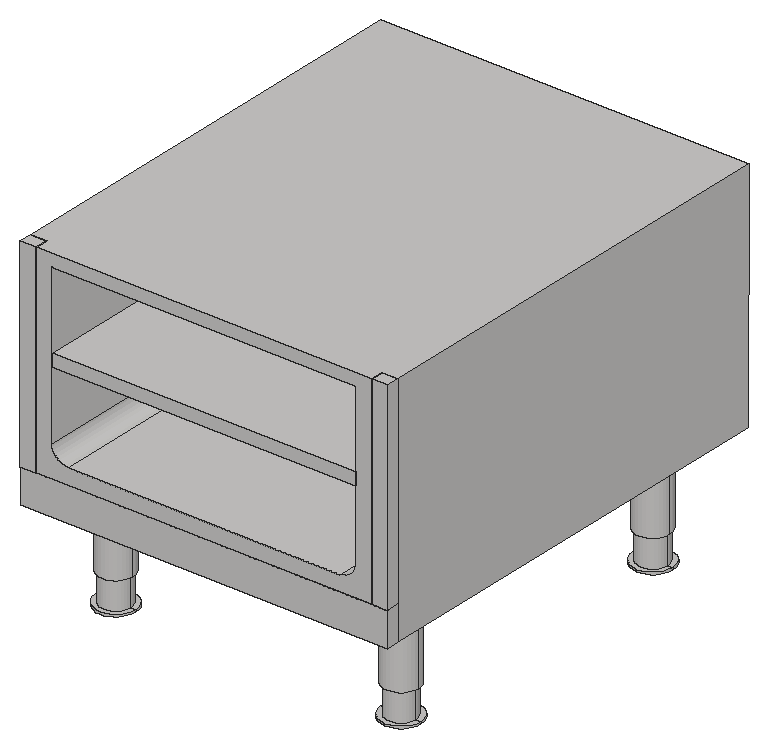
Revit family "QF_ELECTROLUXPROFESSIONAL_589807_MC1HCAGOOM", category Attrezzature speciali, Revit 2021
Family settings
  Quota connettore circolare = Usa diametro
  Tipo di parte = Normale
  Basato su piano di lavoro = No
  Sempre verticale = Sì
  Taglio con vuoti quando caricato = No
  Condiviso = No
  Punto di calcolo locali = No
Parameters (values of type "Standard")
  Weight = 21.00 kg
  Watts = 0 W
  Volts = 0 V
  URL Manufacturer = "https://www.electroluxprofessional.com/"
  URL = "https://www.electroluxprofessional.com/"
  Steam Supply Size = 0"
  Steam Supply Minimum Pressure = 0.00 psi
  Steam Supply Maximum Pressure = 0.00 psi
  Steam Consumption per Hour = 0
  Refrigeration Suction Line Size = 0 mm
  Refrigeration Liquid Line Size = 0 mm
  Refrigerant Compressor Remote = yes
  Prospetto di default = 0 mm
  Phase = 0
  Modello = "MC1HCAGOOM"
  Produttore = "Electrolux Professional"
  Length Actual = 700 mm  # constant formula
  Item Number = "589807"
  Hot Water Size = 0"
  Height Actual = 450 mm  # constant formula
  HP = "0 HP"
  Gas Size = 0"
  Gas KW = 0
  Gas Input Pressure = 0.0 Btu/h
  Direct Waste Size = 0"
  Descrizione = "OPEN BASE,H3,GN,1S,700X900X450 MARINE"
  Depth Actual = 900 mm  # constant formula
  Cycle = 0 Hz
  Condensate Return Size = 0"
  Compressed Air Volume = 0 GPM
  Compressed Air Size = 0"
  Compressed Air Pressure = 0.00 psi
  Cold Water Size = 0"
  Accessory = yes
Reference planes
  plane 1 "BACK": y = 0
  plane 2: z = 0
  plane 3 "LEFT": x = 0
  plane 4 "RIGHT": x = 700
  plane 5 "FRONT": y = -900
  plane 6 "PLAIN": z = 900
  plane 7 "Center (Left/Right)": x = 350
  plane 8 "Center (Front/Back)": y = -450
  plane 9 "TOP": z = 650
  plane 10 "BASE": z = 200
  plane 11: x = 622
  plane 12: x = 78
  plane 13 "Feet_back": y = -150
  plane 14 "Feet_Front": y = -750
  plane 15: x = 30
  plane 16: x = 670
  plane 17: z = 265
  plane 18: y = -20
  plane 19: y = -855
  plane 20: y = -45
  plane 21: y = -880
Forms (mm)
  Extrusion 1, solid, material "QF_Finishes_Stainless Steel"
    sketch origin (0, 0, 650) x (0, 1, 0) y (0, 0, 1)
      loop
        line (-20, -450) -> (-20, 0) -> (-855, 0) -> (-855, -450) -> (-20, -450)
    from 0 to 700
  Extrusion 2, solid, material "QF_Finishes_Stainless Steel"
    sketch origin (0, 0, 650) x (0, 1, 0) y (0, 0, 1)
      loop
        line (-880, -450) -> (-855, -450) -> (-855, -385) -> (-880, -385) -> (-880, -450)
    from 0 to 700
  Extrusion 3, void
    sketch origin (0, -900, 0) x (1, 0, 0) y (0, 0, 1)
      loop
        line (30, 650) -> (30, 265) -> (670, 265) -> (670, 650) -> (30, 650)
    from 0 to -855
  Extrusion 4, solid, material "QF_Finishes_Stainless Steel"
    sketch origin (0, -900, 0) x (1, 0, 0) y (0, 0, 1)
      loop
        line (60, 650) -> (60, 627) -> (640, 627) -> (640, 650) -> (60, 650)
    from -20 to -880
  Extrusion 5, solid, material "QF_Finishes_Stainless Steel"
    sketch origin (0, -900, 0) x (1, 0, 0) y (0, 0, 1)
      loop
        line (30, 650) -> (30, 265) -> (670, 265) -> (670, 650) -> (640, 650) -> (640, 325)
        arc (640, 325) -> (631.213, 303.787) -> (610, 295) r 30
        line (610, 295) -> (90, 295)
        arc (90, 295) -> (68.787, 303.787) -> (60, 325) r 30
        line (60, 325) -> (60, 650) -> (30, 650)
    from -20 to -855
  Extrusion 6, solid, material "QF_Finishes_Stainless Steel"
    sketch origin (0, -900, 0) x (1, 0, 0) y (0, 0, 1)
      loop
        line (0, 650) -> (0, 265) -> (30, 265) -> (30, 650) -> (0, 650)
    from -20 to -45
  Extrusion 7, solid, material "QF_Finishes_Stainless Steel"
    sketch origin (0, -900, 0) x (1, 0, 0) y (0, 0, 1)
      loop
        line (670, 650) -> (670, 265) -> (700, 265) -> (700, 650) -> (670, 650)
    from -20 to -45
  Extrusion 8, solid, material "QF_Finishes_Stainless Steel"
    sketch origin (0, -900, -170) x (1, 0, 0) y (0, 0, 1)
      loop
        line (60, 650) -> (60, 627) -> (640, 627) -> (640, 650) -> (60, 650)
    from -20 to -855
Cuts and joins
  Extrusion 3 cuts Extrusion 1
  joined: Extrusion 1, Extrusion 4, Extrusion 5
Lines and regions (mm)
  symbolic lines, style "SpecialityEquipmentHiddenLines"
    curve 1: line (0, 0, 0) -> (700, 0, 0)
    curve 2: line (0, -900, 0) -> (0, 0, 0)
    curve 3: line (700, -900, 0) -> (0, -900, 0)
    curve 4: line (700, 0, 0) -> (700, -900, 0)
Dimensions and locks
  plane 3 "LEFT" to plane 4 "RIGHT" = 700 mm
  plane 5 "FRONT" to plane 1 "BACK" = 900 mm
  equal spacing: plane 3 "LEFT", plane 7 "Center (Left/Right)", plane 4 "RIGHT"
  equal spacing: plane 5 "FRONT", plane 8 "Center (Front/Back)", plane 1 "BACK"
  plane 6 "PLAIN" to plane 9 "TOP" = 250 mm
  plane 10 "BASE" to level = 200 mm
  plane 9 "TOP" to plane 10 "BASE" = 450 mm
  locked: plane 1 "BACK" to plane 13 "Feet_back" at 150
  locked: plane 12 to plane 3 "LEFT" at 78
  locked: plane 11 to plane 4 "RIGHT" at 78
  plane 16 to plane 15 = 640 mm
  equal spacing: plane 16, plane 7 "Center (Left/Right)", plane 15
  locked: plane 17 to plane 10 "BASE" at 65
  locked: plane 1 "BACK" to plane 18 at 20
  plane 9 "TOP" to Extrusion 4 sketch curve = 23 mm
  locked: Extrusion 4 sketch curve to plane 15 at 30
  locked: plane 16 to Extrusion 4 sketch curve at 30
  locked: Extrusion 5 sketch curve to plane 17 at 30
  plane 6 "PLAIN" to level = 900 mm
  Extrusion 5 to Extrusion 5 = 580 mm
  locked: plane 18 to plane 20 at 25
  locked: plane 21 to plane 5 "FRONT" at 20
  locked: plane 19 to plane 21 at 25
  plane 18 to plane 21 = 860 mm
  plane 13 "Feet_back" to plane 14 "Feet_Front" = 600 mm
  aligned and locked: level to plane 2
  aligned and locked: Extrusion 1 to plane 4 "RIGHT"
  aligned and locked: Extrusion 1 to plane 3 "LEFT"
  aligned and locked: Extrusion 2 to plane 4 "RIGHT"
  aligned and locked: plane 9 "TOP" to Extrusion 3 sketch curve
  aligned and locked: Extrusion 3 sketch curve to plane 15
  aligned and locked: plane 16 to Extrusion 3 sketch curve
  aligned and locked: Extrusion 2 to plane 10 "BASE"
  aligned and locked: Extrusion 2 to plane 17
  aligned and locked: plane 17 to Extrusion 3 sketch curve
  aligned and locked: Extrusion 4 to plane 18
  aligned and locked: Extrusion 5 sketch curve to plane 15
  aligned and locked: plane 16 to Extrusion 5 sketch curve
  aligned and locked: plane 9 "TOP" to Extrusion 5 sketch curve  (x2)
  aligned and locked: plane 17 to Extrusion 5 sketch curve
  aligned and locked: Extrusion 5 sketch curve to Extrusion 4  (x2)
  aligned and locked: Extrusion 6 sketch curve to plane 9 "TOP"
  aligned and locked: plane 3 "LEFT" to Extrusion 6 sketch curve
  aligned and locked: Extrusion 6 sketch curve to plane 17
  aligned and locked: Extrusion 6 sketch curve to plane 15
  aligned and locked: Extrusion 7 sketch curve to plane 9 "TOP"
  aligned and locked: plane 16 to Extrusion 7 sketch curve
  aligned and locked: Extrusion 7 sketch curve to plane 17
  aligned and locked: plane 4 "RIGHT" to Extrusion 7 sketch curve
  aligned and locked: Extrusion 5 to plane 20
  aligned and locked: cut or joined group of Extrusion 1, Extrusion 3, Extrusion 4, Extrusion 5 to plane 20
  aligned and locked: cut or joined group of Extrusion 1, Extrusion 3, Extrusion 4, Extrusion 5 to plane 18
  aligned and locked: Extrusion 6 to plane 19
  aligned and locked: plane 21 to Extrusion 6
  aligned and locked: plane 21 to Extrusion 5
  aligned and locked: plane 21 to Extrusion 7
  aligned and locked: Extrusion 7 to plane 19
  aligned and locked: Extrusion 2 to plane 19
  aligned and locked: plane 21 to Extrusion 2
  aligned and locked: plane 21 to cut or joined group of Extrusion 1, Extrusion 3, Extrusion 4, Extrusion 5
  aligned and locked: Extrusion 8 to plane 20
  aligned and locked: plane 12 to nested 1
  aligned and locked: plane 11 to nested 2
  aligned and locked: plane 13 "Feet_back" to nested 1
  aligned and locked: plane 13 "Feet_back" to nested 2
Automatic sketch dimensions
  curve 3 to plane 3 "LEFT" = 0 mm
  curve 3 to plane 4 "RIGHT" = 0 mm
  plane 5 "FRONT" to curve 3 = 0 mm
  plane 1 "BACK" to curve 2 = 0 mm
  Extrusion 1 sketch curve to plane 10 "BASE" = 0 mm
  Extrusion 1 sketch curve to plane 19 = 0 mm
  Extrusion 1 sketch curve to plane 18 = 0 mm
  Extrusion 1 sketch curve to plane 9 "TOP" = 0 mm
  plane 17 to Extrusion 2 sketch curve = 0 mm
  Extrusion 2 sketch curve to plane 21 = 0 mm
  Extrusion 2 sketch curve to plane 10 "BASE" = 0 mm
  Extrusion 2 sketch curve to plane 19 = 0 mm
  Extrusion 4 sketch curve to plane 9 "TOP" = 0 mm
  Extrusion 5 sketch curve to Extrusion 5 sketch curve = 30 mm  (x2)
  plane 15 to Extrusion 8 sketch curve = 30 mm
  Extrusion 8 sketch curve to plane 16 = 30 mm
  Extrusion 8 sketch curve to plane 9 "TOP" = 193 mm
  Extrusion 8 sketch curve to Extrusion 8 sketch curve = 23 mm
Nested families
  nested 1: "FEET200_MARINE" at (78, -150, 0), type "FEET200_MARINE"
  nested 2: "FEET200_MARINE" at (622, -150, 0), type "FEET200_MARINE"
  nested 3: "FEET200_MARINE" at (78, -750, 0), type "FEET200_MARINE"
  nested 4: "FEET200_MARINE" at (622, -750, 0), type "FEET200_MARINE"
Definition of nested family "FEET200_MARINE"
  Parameters (values of type "FEET200_MARINE")
    Default Elevation = 0 mm
    FEET = 200 mm
  Reference planes
    plane 1 "Center (Front/Back)": y = 0
    plane 2: z = 0
    plane 3 "Center (Left/Right)": x = 0
    plane 4: z = 200
  Forms (mm)
    Revolve 1, solid
      sketch origin (0, 0, 0) x (1, 0, 0) y (0, 0, 1)
        loop
          line (0, 200) -> (-38, 200) -> (-38, 196) -> (-33, 196) -> (-33, 59) -> (-28, 59) -> (-28, 4) -> (-38, 4) -> (-38, 0) -> (0, 0) -> (0, 200)
        axis (0, 0) -> (0, 200)
      angle from 0 to 360
  Lines and regions (mm)
    symbolic lines
      curve 1: line (0, -1.503, 0) -> (0, 1.508, 0)
      curve 2: line (1.561, 0, 0) -> (-1.439, 0, 0)
  Dimensions and locks
    "FEET": plane 4 to plane 2
    aligned and locked: level to plane 2
  Automatic sketch dimensions
    plane 1 "Center (Front/Back)" to curve 2 = 0 mm
    curve 1 to plane 3 "Center (Left/Right)" = 0 mm
    curve 2 to plane 3 "Center (Left/Right)" = 1.439 mm
    plane 3 "Center (Left/Right)" to curve 2 = 1.561 mm
    plane 1 "Center (Front/Back)" to curve 1 = 1.503 mm
    curve 1 to plane 1 "Center (Front/Back)" = 1.508 mm
    Revolve 1 sketch curve to plane 4 = 0 mm
    Revolve 1 sketch curve to level = 0 mm  (x2)
    Revolve 1 sketch curve to plane 3 "Center (Left/Right)" = 0 mm  (x2)
    Revolve 1 sketch curve to plane 3 "Center (Left/Right)" = 28 mm
    Revolve 1 sketch curve to Revolve 1 sketch curve = 5 mm  (x2)
    level to Revolve 1 sketch curve = 4 mm
    Revolve 1 sketch curve to Revolve 1 sketch curve = 10 mm
    Revolve 1 sketch curve to Revolve 1 sketch curve = 55 mm
    plane 4 to Revolve 1 sketch curve = 40 mm
    Revolve 1 sketch curve to plane 4 = 4 mm
